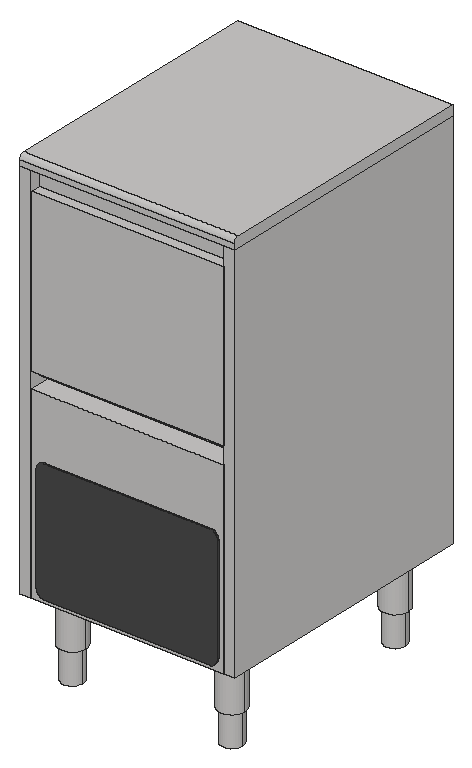
Revit family "QF_ELECTROLUXPROFESSIONAL_730315_ICB33I15SNP", category Attrezzature speciali, Revit 2018
Family settings
  Quota connettore circolare = Usa diametro
  Tipo di parte = Normale
  Basato su piano di lavoro = No
  Sempre verticale = Sì
  Taglio con vuoti quando caricato = No
  Condiviso = No
  Punto di calcolo locali = No
Parameters (values of type "Standard")
  Weight = 40.00 kg
  Watts = 1000 W
  Volts = 220 V
  URL Manufacturer = "https://www.electroluxprofessional.com/"
  URL = "https://www.electroluxprofessional.com/"
  Steam Supply Size = 0 mm
  Steam Supply Minimum Pressure = 0.0 Pa
  Steam Supply Maximum Pressure = 0.0 Pa
  Steam Pounds per Hour = 0
  Show Logo [instance] = yes
  Show Clearance [instance] = yes
  Refrigeration Suction Line Size = 0 mm
  Refrigeration Liquid Line Size = 0 mm
  Refrigerant Compressor Remote = yes
  Produttore = "Electrolux Professional"
  Phase = 1
  Modello = "ICB33I15SNP"
  Length Actual = 405 mm  # constant formula
  Item Number = "730315"
  Hot Water Size = 0 mm
  Height Actual = 849 mm  # constant formula
  HP = "1.3 HP"
  Gas Size = 0 mm
  Gas KW = 0
  Gas Input Pressure = 0 W
  Descrizione = "WATER COOLED ICE CUBER 22GR 33KG/24H-BIN 15KG"
  Depth Actual = 515 mm  # constant formula
  Cycle = 50 Hz
  Condensate Return Size = 0 mm
  Compressed Air Volume = 0.0 L/s
  Compressed Air Size = 0 mm
  Compressed Air Pressure = 0.0 Pa
  Cold Water Size = 19.05 mm
  Accessory = yes
Reference planes
  plane 1 "Center X": y = 272.851
  plane 2: z = 0
  plane 3 "Center Y": x = -501.5
  plane 4 "LEFT": x = -704
  plane 5 "RIGHT": x = -299
  plane 6 "FRONT": y = 15.351
  plane 7 "BACK": y = 530.351
  plane 8: z = 152
  plane 9: z = 896
  plane 10: z = 876
  plane 11: x = -684
  plane 12: x = -319
  plane 13: y = 55.351
Forms (mm)
  Extrusion 1, solid, material "QF_Finishes_Black"
    sketch origin (-217.296, 15.251, 371.513) x (-1, 0, 0) y (0, 0, -1)
      loop
        arc (439.204, -18.487) -> (449.811, -14.093) -> (454.204, -3.487) r 15
        line (454.204, -3.487) -> (454.204, 197.469)
        arc (454.204, 197.469) -> (449.811, 208.075) -> (439.204, 212.469) r 15
        line (439.204, 212.469) -> (126.938, 212.469)
        arc (126.938, 212.469) -> (116.331, 208.075) -> (111.938, 197.469) r 15
        line (111.938, 197.469) -> (111.938, -3.487)
        arc (111.938, -3.487) -> (116.331, -14.093) -> (126.938, -18.487) r 15
        line (126.938, -18.487) -> (439.204, -18.487)
    from 0 to 2
  Extrusion 2, solid, material "QF_Finishes_Stainless Steel"
    sketch origin (-501.5, 0, 0) x (0, 1, 0) y (0, 0, 1)
      loop
        line (530.351, 876) -> (530.351, 896) -> (25.351, 896)
        arc (25.351, 896) -> (18.28, 893.071) -> (15.351, 886) r 10
        line (15.351, 886) -> (15.351, 876) -> (530.351, 876)
    from -202.5 to 202.5
  Extrusion 3, solid, material "QF_Finishes_Stainless Steel"
    sketch origin (-268.7, 530.351, -324.545) x (1, 0, 0) y (0, 0, -1)
      loop
        circle (-76.8, -652.545) r 10
    from 0 to 10
  Extrusion 4, solid, material "QF_Finishes_Stainless Steel"
    sketch origin (0, 0, 0) x (1, 0, 0) y (0, 1, 0)
      loop
        line (-704, 530.351) -> (-704, 15.351) -> (-684, 15.351) -> (-684, 530.351) -> (-704, 530.351)
    from 152 to 876
  Extrusion 5, solid, material "QF_Finishes_Stainless Steel"
    sketch origin (0, 0, 0) x (1, 0, 0) y (0, 1, 0)
      loop
        line (-319, 530.351) -> (-319, 15.351) -> (-299, 15.351) -> (-299, 530.351) -> (-319, 530.351)
    from 152 to 876
  Extrusion 6, solid, material "QF_Finishes_Stainless Steel"
    sketch origin (0, 0, 0) x (1, 0, 0) y (0, 1, 0)
      loop
        line (-684, 530.351) -> (-684, 55.351) -> (-319, 55.351) -> (-319, 530.351) -> (-684, 530.351)
    from 152 to 876
  Extrusion 7, solid, material "QF_Finishes_Stainless Steel"
    sketch origin (0, 0, 0) x (1, 0, 0) y (0, 1, 0)
      loop
        line (-684, 15.351) -> (-319, 15.351) -> (-319, 55.351) -> (-684, 55.351) -> (-684, 15.351)
    from 152 to 506.229
  Extrusion 8, solid, material "QF_Finishes_Stainless Steel"
    sketch origin (-501.5, 0, 0) x (0, 1, 0) y (0, 0, 1)
      loop
        line (55.351, 876) -> (35.351, 876) -> (35.351, 840) -> (15.351, 840) -> (15.351, 536.768) -> (35.351, 536.768) -> (35.351, 521) -> (55.351, 521) -> (55.351, 876)
    from -182.5 to 182.5
  Extrusion 9, solid, material "QF_Finishes_Stainless Steel"
    sketch origin (-263.2, 530.351, -450.545) x (1, 0, 0) y (0, 0, -1)
      loop
        circle (-76.8, -652.545) r 10
    from 0 to 10
  Extrusion 10, solid, material "QF_Finishes_Stainless Steel"
    sketch origin (-288.7, 530.351, -377.545) x (1, 0, 0) y (0, 0, -1)
      loop
        circle (-76.8, -652.545) r 10
    from 0 to 10
Lines and regions (mm)
  Split face 1
    outline origin (-501.5, 35.351, 876) x (0, 0, -1) y (1, 0, 0)
      loop
        line (5.715, 59.928) -> (30.715, 59.928) -> (30.715, 99.928) -> (5.715, 99.928) -> (5.715, 59.928)
  symbolic lines
    curve 1: line (-704, 530.351, 0) -> (-299, 530.351, 0)
    curve 2: line (-704, 15.351, 0) -> (-704, 530.351, 0)
    curve 3: line (-299, 15.351, 0) -> (-704, 15.351, 0)
    curve 4: line (-299, 530.351, 0) -> (-299, 15.351, 0)
Dimensions and locks
  equal spacing: plane 4 "LEFT", plane 3 "Center Y", plane 5 "RIGHT"
  plane 4 "LEFT" to plane 5 "RIGHT" = 405 mm
  equal spacing: plane 7 "BACK", plane 1 "Center X", plane 6 "FRONT"
  plane 7 "BACK" to plane 6 "FRONT" = 515 mm
  plane 8 to plane 2 = 152 mm
  plane 9 to plane 8 = 744 mm
  locked: plane 4 "LEFT" to plane 11 at 20
  locked: plane 12 to plane 5 "RIGHT" at 20
  locked: plane 9 to plane 10 at 20
  locked: plane 13 to plane 6 "FRONT" at 40
  aligned and locked: level to plane 2
  aligned and locked: plane 5 "RIGHT" to Extrusion 2
  aligned and locked: Extrusion 2 to plane 4 "LEFT"
  aligned and locked: Extrusion 4 sketch curve to Extrusion 2  (x2)
  aligned and locked: plane 6 "FRONT" to Extrusion 4 sketch curve
  aligned and locked: Extrusion 4 sketch curve to plane 11
  aligned and locked: Extrusion 5 sketch curve to plane 7 "BACK"
  aligned and locked: plane 12 to Extrusion 5 sketch curve
  aligned and locked: Extrusion 5 sketch curve to Extrusion 2  (x2)
  aligned and locked: plane 10 to Extrusion 4
  aligned and locked: plane 10 to Extrusion 5
  aligned and locked: Extrusion 4 to plane 8
  aligned and locked: Extrusion 5 to plane 8
  aligned and locked: Extrusion 6 sketch curve to Extrusion 4
  aligned and locked: Extrusion 4 to Extrusion 6 sketch curve
  aligned and locked: plane 13 to Extrusion 6 sketch curve
  aligned and locked: Extrusion 6 sketch curve to plane 12
  aligned and locked: plane 10 to Extrusion 6
  aligned and locked: Extrusion 6 to plane 8
  aligned and locked: Extrusion 4 to Extrusion 7 sketch curve
  aligned and locked: Extrusion 7 sketch curve to Extrusion 4
  aligned and locked: plane 13 to Extrusion 7 sketch curve
  aligned and locked: plane 12 to Extrusion 7 sketch curve
  aligned and locked: Extrusion 7 to plane 8
  aligned and locked: plane 12 to Extrusion 8
  aligned and locked: Extrusion 8 to plane 11
Automatic sketch dimensions
  curve 3 to plane 4 "LEFT" = 0 mm
  curve 3 to plane 5 "RIGHT" = 0 mm
  curve 3 to plane 6 "FRONT" = 0 mm
  curve 2 to plane 7 "BACK" = 0 mm
  Extrusion 1 sketch curve to plane 12 = 10.234 mm
  plane 8 to Extrusion 1 sketch curve = 7.044 mm
  Extrusion 1 sketch curve to Extrusion 1 sketch curve = 15 mm  (x3)
  plane 11 to Extrusion 1 sketch curve = 27.5 mm  (x2)
  Extrusion 1 sketch curve to Extrusion 1 sketch curve = 200.956 mm
  Extrusion 2 sketch curve to plane 6 "FRONT" = 0 mm
  Extrusion 2 sketch curve to plane 9 = 0 mm
  Extrusion 2 sketch curve to plane 7 "BACK" = 0 mm
  Extrusion 2 sketch curve to plane 10 = 0 mm
  plane 6 "FRONT" to Extrusion 2 sketch curve = 10 mm
  Extrusion 6 to Extrusion 3 sketch curve = 176 mm
  Extrusion 3 sketch curve to Extrusion 6 = 26.5 mm
  Extrusion 8 sketch curve to plane 6 "FRONT" = 0 mm
  Extrusion 8 sketch curve to plane 10 = 0 mm
  Extrusion 8 sketch curve to plane 13 = 0 mm
  plane 6 "FRONT" to Extrusion 8 sketch curve = 20 mm  (x2)
  Extrusion 8 sketch curve to plane 10 = 36 mm
  Extrusion 8 sketch curve to Extrusion 8 sketch curve = 303.232 mm
  Extrusion 8 sketch curve to Extrusion 8 sketch curve = 15.768 mm
  Split face 1 sketch curve to Extrusion 8 = 5.715 mm
  Extrusion 8 to Split face 1 sketch curve = 5.285 mm
  Split face 1 sketch curve to Extrusion 8 = 122.572 mm
  Split face 1 sketch curve to Split face 1 sketch curve = 40 mm
  Extrusion 9 sketch curve to Extrusion 6 = 21 mm
  Extrusion 6 to Extrusion 9 sketch curve = 50 mm
  Extrusion 10 sketch curve to Extrusion 6 = 46.5 mm
  Extrusion 6 to Extrusion 10 sketch curve = 123 mm
  radius of Extrusion 3 sketch curve = 10 mm
  radius of Extrusion 9 sketch curve = 10 mm
  radius of Extrusion 10 sketch curve = 10 mm
Nested families
  nested 1: "Foot_Complete" at (-652, 74.251, 0), type "Foot_Complete"
    with H 152 mm
  nested 2: "Foot_Complete" at (-351, 74.251, 0) x (-1, 0, 0) z (0, 0, 1), type "Foot_Complete"
    with H 152 mm
  nested 3: "Foot_Complete" at (-652, 459.451, 0), type "Foot_Complete"
    with H 152 mm
  nested 4: "Foot_Complete" at (-351, 459.451, 0) x (-1, 0, 0) z (0, 0, 1), type "Foot_Complete"
    with H 152 mm
Connectors
  electrical at (-340, 540.351, 202), driven by "Volts"
    settings: on Extrusion 9, index 1, voltage 220 V, apparent load 0 VA, apparent load phase1 0 VA, apparent load phase2 0 VA, apparent load phase3 0 VA, power factor 1, load classification "Altro", number of poles 1, system type 30, power factor state 1, is connector primary yes, connector utility no, sub classification motor no, connector description "Electrical Connection"
  piping at (-345.5, 540.351, 328), diameter 20
    settings: on Extrusion 3, index 2, connector inside diameter 609.6 mm, connector length 0 mm, flow factor 0, pipe flow 0.0 L/s, pressure drop 0.0 Pa, fitting loss kfactor 0, connector angle 0.00°, fixture units 0, engagement length 0 mm, angle of deflection 0.00°, flow configuration 0, flow direction 0, fitting loss method 0, system type 20, joint type 0, gender type 0, connector reference index -1, connector utility 0, adjustable connector no, is connector primary yes, connector description "Cold water"
  piping at (-365.5, 540.351, 275), diameter 20
    settings: on Extrusion 10, index 3, connector inside diameter 609.6 mm, connector length 0 mm, flow factor 0, pipe flow 0.0 L/s, pressure drop 0.0 Pa, fitting loss kfactor 0, connector angle 0.00°, fixture units 0, engagement length 0 mm, angle of deflection 0.00°, flow configuration 0, flow direction 0, fitting loss method 0, system type 16, joint type 0, gender type 0, connector reference index -1, connector utility 0, adjustable connector no, is connector primary no, connector description "Drain"
Definition of nested family "Foot_Complete"
  Parameters (values of type "Foot_Complete")
    R = 25 mm
    H = 153 mm
  Reference planes
    plane 1 "Centro (Fronte/Retro)": y = 0
    plane 2: z = 0
    plane 3 "Centro (Sinistra/Destra)": x = 0
    plane 4: z = 153
  Forms (mm)
    Revolve 1, solid
      sketch origin (255.05, 0, 608.09) x (0, 0, 1) y (-1, 0, 0)
        loop
          line (-608.09, 255.05) -> (-608.09, 235.05) -> (-548.09, 235.05) -> (-548.09, 230.05) -> (-455.09, 230.05) -> (-455.09, 255.05) -> (-608.09, 255.05)
        axis (-608.09, 255.05) -> (-455.09, 255.05)
      angle from 0 to 360
  Dimensions and locks
    level to Revolve 1 sketch curve = 60 mm
    "R": Revolve 1 sketch curve to plane 3 "Centro (Sinistra/Destra)"
    "H": plane 4 to level
    aligned and locked: level to plane 2
    aligned and locked: plane 4 to Revolve 1 sketch curve
    aligned and locked: Revolve 1 sketch curve to level
    aligned and locked: plane 3 "Centro (Sinistra/Destra)" to Revolve 1 sketch curve
  Automatic sketch dimensions
    Revolve 1 sketch curve to plane 3 "Centro (Sinistra/Destra)" = 0 mm
    plane 3 "Centro (Sinistra/Destra)" to Revolve 1 sketch curve = 20 mm
    Revolve 1 sketch curve to Revolve 1 sketch curve = 50 mm
    Revolve 1 sketch curve to Revolve 1 sketch curve = 20 mm
